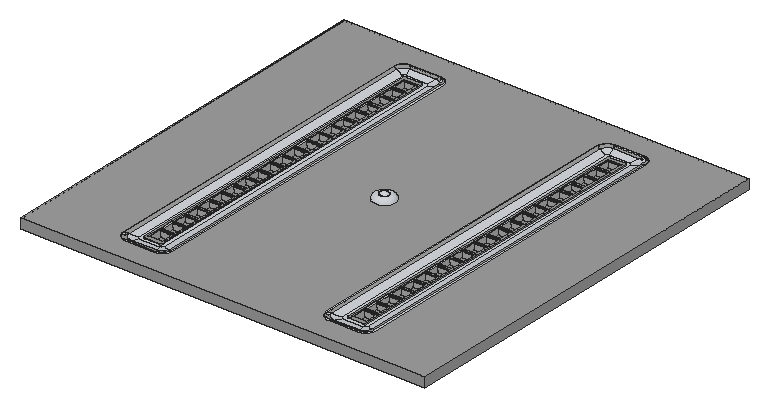
Revit family "0044011 Sylvania Lighting Fixture OptiClip 600 3000K C8 WH SSA WHITE", category Lighting Fixtures, host Face, Revit 2016 (continued)
Automatic sketch dimensions
  Blend 20 sketch curve to plane 55 = 0 mm
  Blend 20 sketch curve to plane 54 = 0 mm
  Blend 20 sketch curve to plane 73 = 0 mm
  Blend 20 sketch curve to plane 72 = 0 mm
  Blend 20 sketch curve to plane 77 = 0 mm
  Blend 20 sketch curve to plane 76 = 0 mm
  plane 55 to Blend 20 sketch curve = 4.7 mm
  Blend 20 sketch curve to plane 54 = 4.7 mm
  Blend 21 sketch curve to plane 72 = 0 mm
  Blend 21 sketch curve to plane 73 = 0 mm
  Blend 21 sketch curve to plane 56 = 0 mm
  Blend 21 sketch curve to plane 57 = 0.045 mm
  Blend 21 sketch curve to plane 77 = 0 mm
  Blend 21 sketch curve to plane 76 = 0 mm
  plane 57 to Blend 21 sketch curve = 4.655 mm
  Blend 21 sketch curve to plane 56 = 4.7 mm
  Blend 22 sketch curve to plane 72 = 0 mm
  Blend 22 sketch curve to plane 73 = 0 mm
  Blend 22 sketch curve to plane 58 = 0 mm
  plane 59 to Blend 22 sketch curve = 0.045 mm
  Blend 22 sketch curve to plane 77 = 0 mm
  Blend 22 sketch curve to plane 76 = 0 mm
  plane 59 to Blend 22 sketch curve = 4.745 mm
  Blend 22 sketch curve to plane 58 = 4.7 mm
  Blend 23 sketch curve to plane 61 = 0 mm
  Blend 23 sketch curve to plane 60 = 0 mm
  Blend 23 sketch curve to plane 73 = 0 mm
  Blend 23 sketch curve to plane 72 = 0 mm
  Blend 23 sketch curve to plane 77 = 0 mm
  Blend 23 sketch curve to plane 76 = 0 mm
  plane 61 to Blend 23 sketch curve = 4.7 mm
  Blend 23 sketch curve to plane 60 = 4.7 mm
  Blend 24 sketch curve to plane 63 = 0 mm
  Blend 24 sketch curve to plane 62 = 0 mm
  Blend 24 sketch curve to plane 73 = 0 mm
  Blend 24 sketch curve to plane 72 = 0 mm
  Blend 24 sketch curve to plane 77 = 0 mm
  Blend 24 sketch curve to plane 76 = 0 mm
  plane 63 to Blend 24 sketch curve = 4.7 mm
  Blend 24 sketch curve to plane 62 = 4.7 mm
  Blend 25 sketch curve to plane 65 = 0 mm
  Blend 25 sketch curve to plane 64 = 0 mm
  Blend 25 sketch curve to plane 73 = 0 mm
  Blend 25 sketch curve to plane 72 = 0 mm
  Blend 25 sketch curve to plane 77 = 0 mm
  Blend 25 sketch curve to plane 76 = 0 mm
  plane 65 to Blend 25 sketch curve = 4.7 mm
  Blend 25 sketch curve to plane 64 = 4.7 mm
  Extrusion 26 sketch curve to plane 75 = 0 mm
  Extrusion 26 sketch curve to plane 77 = 0 mm
  Extrusion 26 sketch curve to plane 76 = 0 mm
  Extrusion 26 sketch curve to plane 74 = 0 mm
  Extrusion 27 sketch curve to plane 77 = 0 mm
  Extrusion 27 sketch curve to plane 76 = 0 mm
  plane 33 to Extrusion 27 sketch curve = 4.7 mm
  Extrusion 27 sketch curve to plane 32 = 4.7 mm
  Extrusion 28 sketch curve to plane 77 = 0 mm
  Extrusion 28 sketch curve to plane 76 = 0 mm
  plane 35 to Extrusion 28 sketch curve = 4.655 mm
  Extrusion 28 sketch curve to plane 34 = 4.7 mm
  Extrusion 29 sketch curve to plane 77 = 0 mm
  Extrusion 29 sketch curve to plane 76 = 0 mm
  plane 37 to Extrusion 29 sketch curve = 4.745 mm
  Extrusion 29 sketch curve to plane 36 = 4.7 mm
  Extrusion 30 sketch curve to plane 77 = 0 mm
  Extrusion 30 sketch curve to plane 76 = 0 mm
  plane 39 to Extrusion 30 sketch curve = 4.7 mm
  Extrusion 30 sketch curve to plane 38 = 4.7 mm
  Extrusion 31 sketch curve to plane 77 = 0 mm
  Extrusion 31 sketch curve to plane 76 = 0 mm
  plane 41 to Extrusion 31 sketch curve = 4.7 mm
  Extrusion 31 sketch curve to plane 40 = 4.7 mm
  Extrusion 32 sketch curve to plane 77 = 0 mm
  Extrusion 32 sketch curve to plane 76 = 0 mm
  plane 43 to Extrusion 32 sketch curve = 4.7 mm
  Extrusion 32 sketch curve to plane 42 = 4.7 mm
  Extrusion 33 sketch curve to plane 77 = 0 mm
  Extrusion 33 sketch curve to plane 76 = 0 mm
  plane 45 to Extrusion 33 sketch curve = 4.674 mm
  Extrusion 33 sketch curve to plane 44 = 4.7 mm
  Extrusion 34 sketch curve to plane 77 = 0 mm
  Extrusion 34 sketch curve to plane 76 = 0 mm
  plane 47 to Extrusion 34 sketch curve = 4.726 mm
  Extrusion 34 sketch curve to plane 46 = 4.7 mm
  Extrusion 35 sketch curve to plane 77 = 0 mm
  Extrusion 35 sketch curve to plane 76 = 0 mm
  plane 49 to Extrusion 35 sketch curve = 4.7 mm
  Extrusion 35 sketch curve to plane 48 = 4.7 mm
  Extrusion 36 sketch curve to plane 77 = 0 mm
  Extrusion 36 sketch curve to plane 76 = 0 mm
  plane 51 to Extrusion 36 sketch curve = 4.7 mm
  Extrusion 36 sketch curve to plane 50 = 4.7 mm
  Extrusion 37 sketch curve to plane 77 = 0 mm
  Extrusion 37 sketch curve to plane 76 = 0 mm
  plane 53 to Extrusion 37 sketch curve = 4.7 mm
  Extrusion 37 sketch curve to plane 52 = 4.7 mm
  Extrusion 38 sketch curve to plane 77 = 0 mm
  Extrusion 38 sketch curve to plane 76 = 0 mm
  plane 55 to Extrusion 38 sketch curve = 4.7 mm
  Extrusion 38 sketch curve to plane 54 = 4.7 mm
  Extrusion 39 sketch curve to plane 77 = 0 mm
  Extrusion 39 sketch curve to plane 76 = 0 mm
  plane 57 to Extrusion 39 sketch curve = 4.655 mm
  Extrusion 39 sketch curve to plane 56 = 4.7 mm
  Extrusion 40 sketch curve to plane 77 = 0 mm
  Extrusion 40 sketch curve to plane 76 = 0 mm
  plane 59 to Extrusion 40 sketch curve = 4.745 mm
  Extrusion 40 sketch curve to plane 58 = 4.7 mm
  Extrusion 41 sketch curve to plane 77 = 0 mm
  Extrusion 41 sketch curve to plane 76 = 0 mm
  plane 61 to Extrusion 41 sketch curve = 4.7 mm
  Extrusion 41 sketch curve to plane 60 = 4.7 mm
  Extrusion 42 sketch curve to plane 77 = 0 mm
  Extrusion 42 sketch curve to plane 76 = 0 mm
  plane 63 to Extrusion 42 sketch curve = 4.7 mm
  Extrusion 42 sketch curve to plane 62 = 4.7 mm
  Extrusion 43 sketch curve to plane 77 = 0 mm
  Extrusion 43 sketch curve to plane 76 = 0 mm
  plane 65 to Extrusion 43 sketch curve = 4.7 mm
  Extrusion 43 sketch curve to plane 64 = 4.7 mm
  Extrusion 44 sketch curve to plane 77 = 0 mm
  Extrusion 44 sketch curve to plane 76 = 0 mm
  plane 67 to Extrusion 44 sketch curve = 4.7 mm
  Extrusion 44 sketch curve to plane 66 = 4.7 mm
  Extrusion 45 sketch curve to plane 77 = 0 mm
  Extrusion 45 sketch curve to plane 76 = 0 mm
  plane 69 to Extrusion 45 sketch curve = 4.7 mm
  Extrusion 45 sketch curve to plane 68 = 4.7 mm
  Extrusion 46 sketch curve to plane 77 = 0 mm
  Extrusion 46 sketch curve to plane 76 = 0 mm
  plane 71 to Extrusion 46 sketch curve = 4.7 mm
  Extrusion 46 sketch curve to plane 70 = 4.7 mm
  plane 25 to Blend 47 sketch curve = 2.5 mm  (x2)
  plane 3 "Center (Left/Right)" to Blend 47 sketch curve = 114 mm
  Blend 47 sketch curve to plane 24 = 1 mm
  Blend 47 sketch curve to Blend 47 sketch curve = 15 mm  (x2)
  Blend 47 sketch curve to Blend 47 sketch curve = 42 mm  (x2)
  plane 20 to Blend 47 sketch curve = 0 mm
  plane 80 to Blend 47 sketch curve = 2 mm  (x2)
  plane 3 "Center (Left/Right)" to Blend 47 sketch curve = 130.5 mm
  plane 25 to Blend 47 sketch curve = 1 mm
  Blend 47 sketch curve to plane 81 = 2.155 mm
  Blend 47 sketch curve to Blend 47 sketch curve = 4 mm
  Blend 47 sketch curve to Blend 47 sketch curve = 30.692 mm
  Blend 47 sketch curve to Blend 47 sketch curve = 0.297 mm
  Blend 47 sketch curve to plane 81 = 2.222 mm
  Blend 47 sketch curve to Blend 47 sketch curve = 3.933 mm
  plane 24 to Blend 48 sketch curve = 0 mm
  plane 22 to Blend 48 sketch curve = 0 mm
  Blend 48 sketch curve to plane 20 = 1.5 mm  (x2)
  plane 25 to Blend 48 sketch curve = 2.5 mm  (x2)
  Blend 48 sketch curve to plane 10 = 110 mm
  Blend 48 sketch curve to Blend 48 sketch curve = 42 mm
  plane 26 to Blend 48 sketch curve = 0 mm
  plane 25 to Blend 48 sketch curve = 0 mm
  Blend 48 sketch curve to plane 81 = 2.155 mm  (x2)
  Blend 48 sketch curve to plane 81 = 2.066 mm
  plane 80 to Blend 48 sketch curve = 2 mm  (x2)
  Blend 48 sketch curve to plane 10 = 126.5 mm
  Blend 48 sketch curve to Blend 48 sketch curve = 3.014 mm
  Blend 48 sketch curve to Blend 48 sketch curve = 31.034 mm
  Blend 48 sketch curve to Blend 48 sketch curve = 30.692 mm
  plane 30 to Extrusion 49 sketch curve = 0 mm
  plane 29 to Extrusion 49 sketch curve = 0 mm
  plane 3 "Center (Left/Right)" to Extrusion 49 sketch curve = 140 mm
  Extrusion 49 sketch curve to Extrusion 49 sketch curve = 22 mm
  Blend 50 sketch curve to plane 67 = 0 mm
  Blend 50 sketch curve to plane 66 = 0 mm
  Blend 50 sketch curve to plane 73 = 0 mm
  Blend 50 sketch curve to plane 72 = 0 mm
  Blend 50 sketch curve to plane 77 = 0 mm
  Blend 50 sketch curve to plane 76 = 0 mm
  plane 67 to Blend 50 sketch curve = 4.7 mm
  Blend 50 sketch curve to plane 66 = 4.7 mm
  Blend 51 sketch curve to plane 69 = 0 mm
  Blend 51 sketch curve to plane 68 = 0 mm
  Blend 51 sketch curve to plane 73 = 0 mm
  Blend 51 sketch curve to plane 72 = 0 mm
  Blend 51 sketch curve to plane 77 = 0 mm
  Blend 51 sketch curve to plane 76 = 0 mm
  plane 69 to Blend 51 sketch curve = 4.7 mm
  Blend 51 sketch curve to plane 68 = 4.7 mm
  Blend 52 sketch curve to plane 71 = 0 mm
  Blend 52 sketch curve to plane 70 = 0 mm
  Blend 52 sketch curve to plane 73 = 0 mm
  Blend 52 sketch curve to plane 72 = 0 mm
  Blend 52 sketch curve to plane 77 = 0 mm
  Blend 52 sketch curve to plane 76 = 0 mm
  plane 71 to Blend 52 sketch curve = 4.7 mm
  Blend 52 sketch curve to plane 70 = 4.7 mm
  plane 82 to Extrusion 53 sketch curve = 0 mm  (x2)
  Extrusion 53 sketch curve to plane 80 = 0 mm
  plane 81 to Extrusion 53 sketch curve = 0 mm
  plane 3 "Center (Left/Right)" to Extrusion 53 sketch curve = 137.5 mm
  Extrusion 53 sketch curve to plane 30 = 1.726 mm
  Extrusion 53 sketch curve to Extrusion 53 sketch curve = 2.284 mm
  Extrusion 53 sketch curve to Extrusion 53 sketch curve = 22 mm
  Extrusion 53 sketch curve to plane 30 = 1.536 mm
  Extrusion 53 sketch curve to Extrusion 53 sketch curve = 2.456 mm
  plane 31 to Blend 54 sketch curve = 0 mm
  Blend 54 sketch curve to plane 29 = 1.75 mm
  Blend 54 sketch curve to plane 10 = 133.539 mm
  Blend 54 sketch curve to Blend 54 sketch curve = 20.961 mm
  plane 75 to Blend 54 sketch curve = 0 mm
  plane 74 to Blend 54 sketch curve = 0 mm
  Blend 54 sketch curve to plane 10 = 138.039 mm
  Blend 54 sketch curve to Blend 54 sketch curve = 11.961 mm
  plane 33 to Blend 55 sketch curve = 0 mm
  plane 32 to Blend 55 sketch curve = 0 mm
  Blend 55 sketch curve to plane 10 = 133.539 mm
  Blend 55 sketch curve to Blend 55 sketch curve = 20.961 mm
  plane 33 to Blend 55 sketch curve = 4.7 mm
  Blend 55 sketch curve to plane 32 = 4.7 mm
  Blend 55 sketch curve to plane 10 = 138.039 mm
  Blend 55 sketch curve to Blend 55 sketch curve = 11.961 mm
  plane 34 to Blend 56 sketch curve = 0 mm
  Blend 56 sketch curve to plane 35 = 0.045 mm
  Blend 56 sketch curve to plane 10 = 133.539 mm
  Blend 56 sketch curve to Blend 56 sketch curve = 20.961 mm
  plane 35 to Blend 56 sketch curve = 4.655 mm
  Blend 56 sketch curve to plane 34 = 4.7 mm
  Blend 56 sketch curve to plane 10 = 138.039 mm
  Blend 56 sketch curve to Blend 56 sketch curve = 11.961 mm
  plane 36 to Blend 57 sketch curve = 0 mm
  plane 37 to Blend 57 sketch curve = 0.045 mm
  Blend 57 sketch curve to plane 10 = 133.539 mm
  Blend 57 sketch curve to Blend 57 sketch curve = 20.961 mm
  plane 37 to Blend 57 sketch curve = 4.745 mm
  Blend 57 sketch curve to plane 36 = 4.7 mm
  Blend 57 sketch curve to plane 10 = 138.039 mm
  Blend 57 sketch curve to Blend 57 sketch curve = 11.961 mm
  plane 39 to Blend 58 sketch curve = 0 mm
  plane 38 to Blend 58 sketch curve = 0 mm
  Blend 58 sketch curve to plane 10 = 133.539 mm
  Blend 58 sketch curve to Blend 58 sketch curve = 20.961 mm
  plane 39 to Blend 58 sketch curve = 4.7 mm
  Blend 58 sketch curve to plane 38 = 4.7 mm
  Blend 58 sketch curve to plane 10 = 138.039 mm
  Blend 58 sketch curve to Blend 58 sketch curve = 11.961 mm
  plane 41 to Blend 59 sketch curve = 0 mm
  plane 40 to Blend 59 sketch curve = 0 mm
  Blend 59 sketch curve to plane 10 = 133.539 mm
  Blend 59 sketch curve to Blend 59 sketch curve = 20.961 mm
  plane 41 to Blend 59 sketch curve = 4.7 mm
  Blend 59 sketch curve to plane 40 = 4.7 mm
  Blend 59 sketch curve to plane 10 = 138.039 mm
  Blend 59 sketch curve to Blend 59 sketch curve = 11.961 mm
  plane 43 to Blend 60 sketch curve = 0 mm
  plane 42 to Blend 60 sketch curve = 0 mm
  Blend 60 sketch curve to plane 10 = 133.539 mm
  Blend 60 sketch curve to Blend 60 sketch curve = 20.961 mm
  plane 43 to Blend 60 sketch curve = 4.7 mm
  Blend 60 sketch curve to plane 42 = 4.7 mm
  Blend 60 sketch curve to plane 10 = 138.039 mm
  Blend 60 sketch curve to Blend 60 sketch curve = 11.961 mm
  plane 44 to Blend 61 sketch curve = 0 mm
  Blend 61 sketch curve to plane 45 = 0.026 mm
  Blend 61 sketch curve to plane 10 = 133.539 mm
  Blend 61 sketch curve to Blend 61 sketch curve = 20.961 mm
  plane 45 to Blend 61 sketch curve = 4.674 mm
  Blend 61 sketch curve to plane 44 = 4.7 mm
  Blend 61 sketch curve to plane 10 = 138.039 mm
  Blend 61 sketch curve to Blend 61 sketch curve = 11.961 mm
  plane 46 to Blend 62 sketch curve = 0 mm
  plane 47 to Blend 62 sketch curve = 0.026 mm
  Blend 62 sketch curve to plane 10 = 133.539 mm
  Blend 62 sketch curve to Blend 62 sketch curve = 20.961 mm
  plane 47 to Blend 62 sketch curve = 4.726 mm
  Blend 62 sketch curve to plane 46 = 4.7 mm
  Blend 62 sketch curve to plane 10 = 138.039 mm
  Blend 62 sketch curve to Blend 62 sketch curve = 11.961 mm
  plane 49 to Blend 63 sketch curve = 0 mm
  plane 48 to Blend 63 sketch curve = 0 mm
  Blend 63 sketch curve to plane 10 = 133.539 mm
  Blend 63 sketch curve to Blend 63 sketch curve = 20.961 mm
  plane 49 to Blend 63 sketch curve = 4.7 mm
  Blend 63 sketch curve to plane 48 = 4.7 mm
  Blend 63 sketch curve to plane 10 = 138.039 mm
  Blend 63 sketch curve to Blend 63 sketch curve = 11.961 mm
  plane 51 to Blend 64 sketch curve = 0 mm
  plane 50 to Blend 64 sketch curve = 0 mm
  Blend 64 sketch curve to plane 10 = 133.539 mm
  Blend 64 sketch curve to Blend 64 sketch curve = 20.961 mm
  plane 51 to Blend 64 sketch curve = 4.7 mm
  Blend 64 sketch curve to plane 50 = 4.7 mm
  Blend 64 sketch curve to plane 10 = 138.039 mm
  Blend 64 sketch curve to Blend 64 sketch curve = 11.961 mm
  plane 53 to Blend 65 sketch curve = 0 mm
  plane 52 to Blend 65 sketch curve = 0 mm
  Blend 65 sketch curve to plane 10 = 133.539 mm
  Blend 65 sketch curve to Blend 65 sketch curve = 20.961 mm
  plane 53 to Blend 65 sketch curve = 4.7 mm
  Blend 65 sketch curve to plane 52 = 4.7 mm
  Blend 65 sketch curve to plane 10 = 138.039 mm
  Blend 65 sketch curve to Blend 65 sketch curve = 11.961 mm
  plane 55 to Blend 66 sketch curve = 0 mm
  plane 54 to Blend 66 sketch curve = 0 mm
  Blend 66 sketch curve to plane 10 = 133.539 mm
  Blend 66 sketch curve to Blend 66 sketch curve = 20.961 mm
  plane 55 to Blend 66 sketch curve = 4.7 mm
  Blend 66 sketch curve to plane 54 = 4.7 mm
  Blend 66 sketch curve to plane 10 = 138.039 mm
  Blend 66 sketch curve to Blend 66 sketch curve = 11.961 mm
  plane 56 to Blend 67 sketch curve = 0 mm
  Blend 67 sketch curve to plane 57 = 0.045 mm
  Blend 67 sketch curve to plane 10 = 133.539 mm
  Blend 67 sketch curve to Blend 67 sketch curve = 20.961 mm
  plane 57 to Blend 67 sketch curve = 4.655 mm
  Blend 67 sketch curve to plane 56 = 4.7 mm
  Blend 67 sketch curve to plane 10 = 138.039 mm
  Blend 67 sketch curve to Blend 67 sketch curve = 11.961 mm
  plane 58 to Blend 68 sketch curve = 0 mm
  plane 59 to Blend 68 sketch curve = 0.045 mm
  Blend 68 sketch curve to plane 10 = 133.539 mm
  Blend 68 sketch curve to Blend 68 sketch curve = 20.961 mm
  plane 59 to Blend 68 sketch curve = 4.745 mm
  Blend 68 sketch curve to plane 58 = 4.7 mm
  Blend 68 sketch curve to plane 10 = 138.039 mm
  Blend 68 sketch curve to Blend 68 sketch curve = 11.961 mm
  plane 61 to Blend 69 sketch curve = 0 mm
  plane 60 to Blend 69 sketch curve = 0 mm
  Blend 69 sketch curve to plane 10 = 133.539 mm
  Blend 69 sketch curve to Blend 69 sketch curve = 20.961 mm
  plane 61 to Blend 69 sketch curve = 4.7 mm
  Blend 69 sketch curve to plane 60 = 4.7 mm
  Blend 69 sketch curve to plane 10 = 138.039 mm
  Blend 69 sketch curve to Blend 69 sketch curve = 11.961 mm
  plane 63 to Blend 70 sketch curve = 0 mm
  plane 62 to Blend 70 sketch curve = 0 mm
  Blend 70 sketch curve to plane 10 = 133.539 mm
  Blend 70 sketch curve to Blend 70 sketch curve = 20.961 mm
  plane 63 to Blend 70 sketch curve = 4.7 mm
  Blend 70 sketch curve to plane 62 = 4.7 mm
  Blend 70 sketch curve to plane 10 = 138.039 mm
  Blend 70 sketch curve to Blend 70 sketch curve = 11.961 mm
  plane 65 to Blend 71 sketch curve = 0 mm
  plane 64 to Blend 71 sketch curve = 0 mm
  Blend 71 sketch curve to plane 10 = 133.539 mm
  Blend 71 sketch curve to Blend 71 sketch curve = 20.961 mm
  plane 65 to Blend 71 sketch curve = 4.7 mm
  Blend 71 sketch curve to plane 64 = 4.7 mm
  Blend 71 sketch curve to plane 10 = 138.039 mm
  Blend 71 sketch curve to Blend 71 sketch curve = 11.961 mm
  plane 67 to Blend 72 sketch curve = 0 mm
  plane 66 to Blend 72 sketch curve = 0 mm
  Blend 72 sketch curve to plane 10 = 133.539 mm
  Blend 72 sketch curve to Blend 72 sketch curve = 20.961 mm
  plane 67 to Blend 72 sketch curve = 4.7 mm
  Blend 72 sketch curve to plane 66 = 4.7 mm
  Blend 72 sketch curve to plane 10 = 138.039 mm
  Blend 72 sketch curve to Blend 72 sketch curve = 11.961 mm
  plane 69 to Blend 73 sketch curve = 0 mm
  plane 68 to Blend 73 sketch curve = 0 mm
  Blend 73 sketch curve to plane 10 = 133.539 mm
  Blend 73 sketch curve to Blend 73 sketch curve = 20.961 mm
  plane 69 to Blend 73 sketch curve = 4.7 mm
  Blend 73 sketch curve to plane 68 = 4.7 mm
  Blend 73 sketch curve to plane 10 = 138.039 mm
  Blend 73 sketch curve to Blend 73 sketch curve = 11.961 mm
  plane 71 to Blend 74 sketch curve = 0 mm
  plane 70 to Blend 74 sketch curve = 0 mm
  Blend 74 sketch curve to plane 10 = 133.539 mm
  Blend 74 sketch curve to Blend 74 sketch curve = 20.961 mm
  plane 71 to Blend 74 sketch curve = 4.7 mm
  Blend 74 sketch curve to plane 70 = 4.7 mm
  Blend 74 sketch curve to plane 10 = 138.039 mm
  Blend 74 sketch curve to Blend 74 sketch curve = 11.961 mm
  plane 75 to Extrusion 75 sketch curve = 0 mm
  plane 74 to Extrusion 75 sketch curve = 0 mm
  plane 3 "Center (Left/Right)" to Extrusion 75 sketch curve = 145 mm
  Extrusion 75 sketch curve to Extrusion 75 sketch curve = 11.961 mm
  plane 33 to Extrusion 76 sketch curve = 4.7 mm
  plane 3 "Center (Left/Right)" to Extrusion 76 sketch curve = 145 mm
  Extrusion 76 sketch curve to Extrusion 76 sketch curve = 11.961 mm
  Extrusion 76 sketch curve to plane 32 = 4.7 mm
  plane 35 to Extrusion 77 sketch curve = 4.655 mm
  plane 3 "Center (Left/Right)" to Extrusion 77 sketch curve = 145 mm
  Extrusion 77 sketch curve to Extrusion 77 sketch curve = 11.961 mm
  Extrusion 77 sketch curve to plane 34 = 4.7 mm
  plane 37 to Extrusion 78 sketch curve = 4.745 mm
  plane 3 "Center (Left/Right)" to Extrusion 78 sketch curve = 145 mm
  Extrusion 78 sketch curve to Extrusion 78 sketch curve = 11.961 mm
  Extrusion 78 sketch curve to plane 36 = 4.7 mm
  plane 39 to Extrusion 79 sketch curve = 4.7 mm
  plane 3 "Center (Left/Right)" to Extrusion 79 sketch curve = 145 mm
  Extrusion 79 sketch curve to Extrusion 79 sketch curve = 11.961 mm
  Extrusion 79 sketch curve to plane 38 = 4.7 mm
  plane 41 to Extrusion 80 sketch curve = 4.7 mm
  plane 3 "Center (Left/Right)" to Extrusion 80 sketch curve = 145 mm
  Extrusion 80 sketch curve to Extrusion 80 sketch curve = 11.961 mm
  Extrusion 80 sketch curve to plane 40 = 4.7 mm
  plane 43 to Extrusion 81 sketch curve = 4.7 mm
  plane 3 "Center (Left/Right)" to Extrusion 81 sketch curve = 145 mm
  Extrusion 81 sketch curve to Extrusion 81 sketch curve = 11.961 mm
  Extrusion 81 sketch curve to plane 42 = 4.7 mm
  plane 45 to Extrusion 82 sketch curve = 4.674 mm
  plane 3 "Center (Left/Right)" to Extrusion 82 sketch curve = 145 mm
  Extrusion 82 sketch curve to Extrusion 82 sketch curve = 11.961 mm
  Extrusion 82 sketch curve to plane 44 = 4.7 mm
  plane 47 to Extrusion 83 sketch curve = 4.726 mm
  plane 3 "Center (Left/Right)" to Extrusion 83 sketch curve = 145 mm
  Extrusion 83 sketch curve to Extrusion 83 sketch curve = 11.961 mm
  Extrusion 83 sketch curve to plane 46 = 4.7 mm
  plane 49 to Extrusion 84 sketch curve = 4.7 mm
  plane 3 "Center (Left/Right)" to Extrusion 84 sketch curve = 145 mm
  Extrusion 84 sketch curve to Extrusion 84 sketch curve = 11.961 mm
  Extrusion 84 sketch curve to plane 48 = 4.7 mm
  plane 51 to Extrusion 85 sketch curve = 4.7 mm
  plane 3 "Center (Left/Right)" to Extrusion 85 sketch curve = 145 mm
  Extrusion 85 sketch curve to Extrusion 85 sketch curve = 11.961 mm
  Extrusion 85 sketch curve to plane 50 = 4.7 mm
  plane 53 to Extrusion 86 sketch curve = 4.7 mm
  plane 3 "Center (Left/Right)" to Extrusion 86 sketch curve = 145 mm
  Extrusion 86 sketch curve to Extrusion 86 sketch curve = 11.961 mm
  Extrusion 86 sketch curve to plane 52 = 4.7 mm
  plane 55 to Extrusion 87 sketch curve = 4.7 mm
  plane 3 "Center (Left/Right)" to Extrusion 87 sketch curve = 145 mm
  Extrusion 87 sketch curve to Extrusion 87 sketch curve = 11.961 mm
  Extrusion 87 sketch curve to plane 54 = 4.7 mm
  plane 57 to Extrusion 88 sketch curve = 4.655 mm
  plane 3 "Center (Left/Right)" to Extrusion 88 sketch curve = 145 mm
  Extrusion 88 sketch curve to Extrusion 88 sketch curve = 11.961 mm
  Extrusion 88 sketch curve to plane 56 = 4.7 mm
  plane 59 to Extrusion 89 sketch curve = 4.745 mm
  plane 3 "Center (Left/Right)" to Extrusion 89 sketch curve = 145 mm
  Extrusion 89 sketch curve to Extrusion 89 sketch curve = 11.961 mm
  Extrusion 89 sketch curve to plane 58 = 4.7 mm
  plane 61 to Extrusion 90 sketch curve = 4.7 mm
  plane 3 "Center (Left/Right)" to Extrusion 90 sketch curve = 145 mm
  Extrusion 90 sketch curve to Extrusion 90 sketch curve = 11.961 mm
  Extrusion 90 sketch curve to plane 60 = 4.7 mm
  plane 63 to Extrusion 91 sketch curve = 4.7 mm
  plane 3 "Center (Left/Right)" to Extrusion 91 sketch curve = 145 mm
  Extrusion 91 sketch curve to Extrusion 91 sketch curve = 11.961 mm
  Extrusion 91 sketch curve to plane 62 = 4.7 mm
  plane 65 to Extrusion 92 sketch curve = 4.7 mm
  plane 3 "Center (Left/Right)" to Extrusion 92 sketch curve = 145 mm
  Extrusion 92 sketch curve to Extrusion 92 sketch curve = 11.961 mm
  Extrusion 92 sketch curve to plane 64 = 4.7 mm
  plane 67 to Extrusion 93 sketch curve = 4.7 mm
  plane 3 "Center (Left/Right)" to Extrusion 93 sketch curve = 145 mm
  Extrusion 93 sketch curve to Extrusion 93 sketch curve = 11.961 mm
  Extrusion 93 sketch curve to plane 66 = 4.7 mm
  plane 69 to Extrusion 94 sketch curve = 4.7 mm
  plane 3 "Center (Left/Right)" to Extrusion 94 sketch curve = 145 mm
  Extrusion 94 sketch curve to Extrusion 94 sketch curve = 11.961 mm
  Extrusion 94 sketch curve to plane 68 = 4.7 mm
  plane 71 to Extrusion 95 sketch curve = 4.7 mm
  plane 3 "Center (Left/Right)" to Extrusion 95 sketch curve = 145 mm
  Extrusion 95 sketch curve to Extrusion 95 sketch curve = 11.961 mm
  Extrusion 95 sketch curve to plane 70 = 4.7 mm
  Extrusion 96 sketch curve to plane 7 = 0 mm
  plane 8 to Extrusion 96 sketch curve = 0 mm
  plane 6 to Extrusion 96 sketch curve = 0 mm
  plane 5 to Extrusion 96 sketch curve = 0 mm
  Revolve 97 sketch curve to plane 3 "Center (Left/Right)" = 0 mm  (x2)
  Revolve 97 sketch curve to level = 0 mm  (x2)
  Revolve 97 sketch curve to plane 83 = 0 mm  (x2)
  Revolve 97 sketch curve to plane 84 = 0 mm
  Revolve 97 sketch curve to plane 85 = 0 mm
  plane 84 to Revolve 97 sketch curve = 0.074 mm
  Revolve 98 sketch curve to plane 3 "Center (Left/Right)" = 0 mm  (x2)
  Revolve 98 sketch curve to plane 83 = 0 mm
  Revolve 98 sketch curve to plane 87 = 0 mm
  Revolve 98 sketch curve to plane 86 = 0 mm
  Revolve 98 sketch curve to plane 3 "Center (Left/Right)" = 0.185 mm
  Revolve 98 sketch curve to plane 83 = 0.917 mm
  Revolve 98 sketch curve to Revolve 98 sketch curve = 2.82 mm
  Revolve 99 sketch curve to plane 3 "Center (Left/Right)" = 0 mm  (x2)
  Revolve 99 sketch curve to plane 13 = 0 mm
  Revolve 99 sketch curve to plane 88 = 0 mm
  Revolve 99 sketch curve to plane 89 = 0 mm
  Revolve 99 sketch curve to plane 89 = 5.716 mm
  Revolve 99 sketch curve to Revolve 99 sketch curve = 1.156 mm
  Revolve 100 sketch curve to plane 3 "Center (Left/Right)" = 0 mm  (x2)
  plane 84 to Revolve 100 sketch curve = 0 mm
  Revolve 100 sketch curve to plane 91 = 0 mm
  Revolve 100 sketch curve to plane 89 = 0 mm
  Revolve 100 sketch curve to plane 91 = 12.591 mm
  plane 13 to Revolve 100 sketch curve = 6.148 mm
Connectors
  electrical at (0, 0, -1.008)
    settings: on cut or joined group of Extrusion 2, Extrusion 3, Blend 5, Blend 48, index 1, voltage 0 V, apparent load 0 VA, apparent load phase1 0 VA, apparent load phase2 0 VA, apparent load phase3 0 VA, power factor 1, load classification "Other", number of poles 1, system type 31, power factor state 1, is connector primary yes, connector utility no, sub classification motor no, connector description ""
